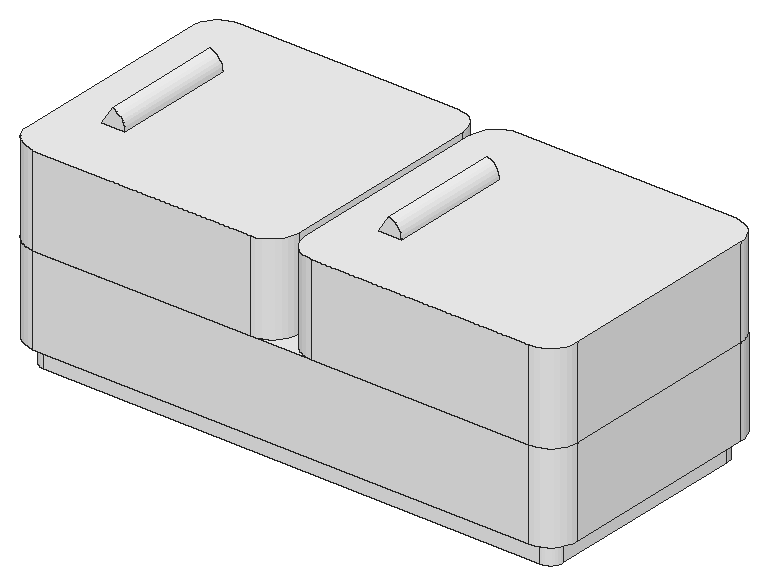
Revit family "Gira_017730", category Electrical Fixtures, host Face, Revit 2017
Family settings
  Host = Face
  Maintain Annotation Orientation = Yes
  Round Connector Dimension = Use Diameter
  Part Type = Normal
  Cut with Voids When Loaded = No
  Shared = No
  Room Calculation Point = No
Parameters (values of type "Combi off/2-way SCHUKO horiz. HC WP surface-mounted grey")
  With lighting = "No"
  URL = "http://katalog.gira.de/en/datenblatt.html?artikelnr=017730"
  Type of switch = "Two-way switch"
  Type of socket outlet = "Protective contact (SCHUKO)"
  Type of fastening = "Mounting with screw"
  Surface protection = "Other"
  Suitable for degree of protection (IP) = "IP44"
  Number of socket outlets = "1"
  Nominal voltage = "250"
  Nominal current socket outlet = "16"
  Name = "Combi off/2-way SCHUKO horiz. HC WP surface-mounted grey"
  Mounting method = "Surface mounted (plaster)"
  Mounting direction = "Horizontal"
  Method of operation = "Rocker/button"
  Material quality = "Other"
  Material = "Other"
  Manufacturer URL = "https://www.gira.de/"
  Manufacturer = "Gira"
  Keynote = ""
  HeinzeBIM = "https://bimportal.heinze.de/bim/combi-off-2-way-schuko-horiz-hc-wp-surface-mounted-grey/c1cdf441ad68ae913c1969e156eb352de0770f49"
  Halogen free = "No"
  HAN = "017730"
  GTIN = "4010337177302"
  Description = "Comb.off2w SCHUKO hori WP SM GY,Combination rocker switch SCHUKO socket outlet 16 A 250 V~ horizontal with hinged cover,Universal off 2-way switch,grey,Notes :,- Instead of the SCHUKO socket outlets, switches, buttons or light signals can also be used.,- Can also be connected with illumination."
  Default Elevation = 1219.2 mm
  Data sheet (1) = "https://katalog.gira.de/en/download.html?artikelnr=017730"
  Colour = "White"
  Category = "Combination switch/wall socket outlet"
  BIM (1) = "https://media.stage.bim.site/public/gira/36a6b08/IP44_Komplettgerät_Steckdose_2fach.rfa?public/gira/36a6b08/IP44_Komplettgerät_Steckdose_2fach.rfa"
  Available = "No"
Reference planes
  plane 1 "Center (Front/Back)": y = 0
  plane 2: z = 0
  plane 3 "Center (Left/Right)": x = 0
  plane 4: x = -81
  plane 5: x = 81
  plane 6: y = 38
  plane 7: y = -38
  plane 8: x = -1
  plane 9: x = 1
  plane 10: x = -68.7
  plane 11: x = 12.8
  plane 12: x = -65.7
  plane 13: x = -77
  plane 14: x = 77
  plane 15: y = 34
  plane 16: y = -34
Forms (mm)
  Extrusion 1, solid, material "White", detail levels fine
    sketch origin (0, 0, 0) x (1, 0, 0) y (0, 1, 0)
      loop
        line (73, 38) -> (-73, 38)
        arc (-73, 38) -> (-78.657, 35.657) -> (-81, 30) r 8
        line (-81, 30) -> (-81, -30)
        arc (-81, -30) -> (-78.657, -35.657) -> (-73, -38) r 8
        line (-73, -38) -> (73, -38)
        arc (73, -38) -> (78.657, -35.657) -> (81, -30) r 8
        line (81, -30) -> (81, 30)
        arc (81, 30) -> (78.657, 35.657) -> (73, 38) r 8
    from 0 to 26
  Extrusion 2, solid, material "White", detail levels fine
    sketch origin (0, 0, 0) x (1, 0, 0) y (0, 1, 0)
      loop
        line (-9, 38) -> (-73, 38)
        arc (-73, 38) -> (-78.657, 35.657) -> (-81, 30) r 8
        line (-81, 30) -> (-81, -30)
        arc (-81, -30) -> (-78.657, -35.657) -> (-73, -38) r 8
        line (-73, -38) -> (-9, -38)
        arc (-9, -38) -> (-3.343, -35.657) -> (-1, -30) r 8
        line (-1, -30) -> (-1, 30)
        arc (-1, 30) -> (-3.343, 35.657) -> (-9, 38) r 8
      loop
        line (1, 30) -> (1, -30)
        arc (1, -30) -> (3.343, -35.657) -> (9, -38) r 8
        line (9, -38) -> (73, -38)
        arc (73, -38) -> (78.657, -35.657) -> (81, -30) r 8
        line (81, -30) -> (81, 30)
        arc (81, 30) -> (78.657, 35.657) -> (73, 38) r 8
        line (73, 38) -> (9, 38)
        arc (9, 38) -> (3.343, 35.657) -> (1, 30) r 8
    from 26 to 52.5
  Extrusion 3, solid, material "White", detail levels fine
    sketch origin (0, 0, 0) x (1, 0, 0) y (0, 0, 1)
      loop
        line (-68.7, 52.5) -> (-62.067, 52.5)
        arc (-62.067, 52.5) -> (-63.019, 55.628) -> (-65.7, 57.5) r 5
        line (-65.7, 57.5) -> (-68.7, 52.5)
    from 18 to -18
  Extrusion 4, solid, material "White", detail levels fine
    sketch origin (81.5, 0, 0) x (1, 0, 0) y (0, 0, 1)
      loop
        line (-68.7, 52.5) -> (-62.067, 52.5)
        arc (-62.067, 52.5) -> (-63.019, 55.628) -> (-65.7, 57.5) r 5
        line (-65.7, 57.5) -> (-68.7, 52.5)
    from 18 to -18
  Extrusion 5, solid, material "White", detail levels medium
    sketch origin (0, 0, 0) x (1, 0, 0) y (0, 1, 0)
      loop
        line (73, 38) -> (-73, 38)
        arc (-73, 38) -> (-78.657, 35.657) -> (-81, 30) r 8
        line (-81, 30) -> (-81, -30)
        arc (-81, -30) -> (-78.657, -35.657) -> (-73, -38) r 8
        line (-73, -38) -> (73, -38)
        arc (73, -38) -> (78.657, -35.657) -> (81, -30) r 8
        line (81, -30) -> (81, 30)
        arc (81, 30) -> (78.657, 35.657) -> (73, 38) r 8
    from 0 to 52.5
  Extrusion 6, solid, material "White", detail levels medium
    sketch origin (0, 0, 0) x (1, 0, 0) y (0, 0, 1)
      loop
        line (-68.7, 57.5) -> (-68.7, 52.5) -> (-62.067, 52.5) -> (-62.067, 57.5) -> (-68.7, 57.5)
    from -18 to 18
  Extrusion 7, solid, material "White", detail levels medium
    sketch origin (81.5, 0, 0) x (1, 0, 0) y (0, 0, 1)
      loop
        line (-68.7, 57.5) -> (-68.7, 52.5) -> (-62.067, 52.5) -> (-62.067, 57.5) -> (-68.7, 57.5)
    from -18 to 18
  Extrusion 8, solid, material "White", detail levels coarse
    sketch origin (0, 0, 0) x (1, 0, 0) y (0, 1, 0)
      loop
        line (81, 38) -> (-81, 38) -> (-81, -38) -> (81, -38) -> (81, 38)
    from -7 to 57.5
  Extrusion 9, solid, material "White", detail levels medium+fine
    sketch origin (0, 0, 0) x (1, 0, 0) y (0, 1, 0)
      loop
        line (73, 34) -> (-73, 34)
        arc (-73, 34) -> (-75.828, 32.828) -> (-77, 30) r 4
        line (-77, 30) -> (-77, -30)
        arc (-77, -30) -> (-75.828, -32.828) -> (-73, -34) r 4
        line (-73, -34) -> (73, -34)
        arc (73, -34) -> (75.828, -32.828) -> (77, -30) r 4
        line (77, -30) -> (77, 30)
        arc (77, 30) -> (75.828, 32.828) -> (73, 34) r 4
    from 0 to -7
Dimensions and locks
  aligned and locked: plane 2 to host face
  aligned and locked: level to host face
Nested families
  nested 1: "Steckdose 2-fach Beschriftung" at (0, 0, 0), type "Steckdose 2-fach Beschriftung"
Connectors
  electrical at (0, 0, -7)
    settings: on Extrusion 9, index 1, voltage 220 V, apparent load 0 VA, apparent load phase1 0 VA, apparent load phase2 0 VA, apparent load phase3 0 VA, power factor 1, load classification "Other", number of poles 1, system type 31, power factor state 1, is connector primary yes, connector utility no, sub classification motor no, connector description ""
Definition of nested family "Steckdose 2-fach Beschriftung"
  Reference planes
    plane 1: y = 0
    plane 2: x = 0
  Lines and regions (mm)
    detail lines
      curve 1: line (0, 0, 0) -> (0, 2, 0)
      curve 2: line (0, 2, 0) -> (2, 2, 0)
      curve 4: arc (0, 3, 0) -> (1, 2, 0) -> (2, 3, 0) r 1
      curve 5: line (0, 2, 0) -> (-2, 2, 0)
      curve 6: arc (0, 3, 0) -> (-1, 2, 0) -> (-2, 3, 0) r 1
    reference lines
      curve 3: line (-0.485, 3, 0) -> (2.315, 3, 0)
  Dimensions and locks
    curve 1 to curve 1 = 2 mm
    curve 2 to curve 2 = 2 mm
    plane 1 to curve 3 = 3 mm
    curve 5 to curve 5 = 2 mm
